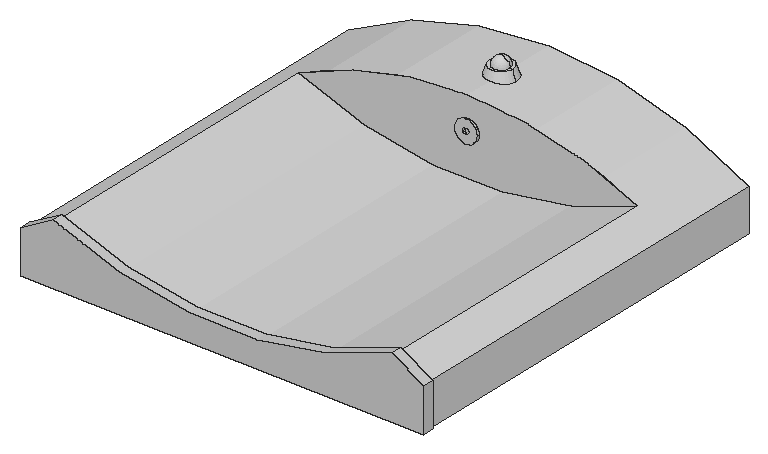
Revit family "Bottle_Filler-Murdock-H2O-To-Go-BF11S", category Plumbing Fixtures, host Face, Revit 2019
Family settings
  Host = Face
  Round Connector Dimension = Use Diameter
  Part Type = Normal
  OmniClass Number = 23.65.70.14.11
  OmniClass Title = Drinking Fountains/Coolers
  Cut with Voids When Loaded = Yes
  Shared = Yes
  Room Calculation Point = No
Parameters (values of type "BF11S")
  Width = 4 3/8"  # constant formula
  Waste Connection = no
  WFU = 2  # constant formula
  Vent Connection = no
  URL = "https://www.murdockmfg.com/home"
  Type Comments = "Bottle filler - hemispherical pushbutton"
  Product Page URL = "https://www.murdockmfg.com/add-on-pushbutton-bottle-filler-bf11s"
  Product Documentation Link = "https://www.murdockmfg.com/uploads/fileLibrary/BF11S.pdf"
  Model = "BF11S"
  Material = "Stainless Steel-Murdock-Satin"
  Manufacturer = "Murdock Mfg."  # constant formula
  Length = 18 1/8"  # constant formula
  Installation Type = "Wall Mounted"  # constant formula
  IAPMO Compliance = "IAPMO tested to NSF/ANSI 61, Section 9, Lead-Free Federal Law 111-380"  # constant formula
  Housing Material = Stainless Steel-Murdock-Satin
  Height = 18 1/8"  # constant formula
  HWFU = 1.5  # constant formula
  HW Connection = no
  Flow Rate = "1.2 GPM (4.54 l/min) at 70 PSI"  # constant formula
  Description = "Deck-Mounted SpringH2O® Pushbutton All-Stainless Steel Water Bottle Filling Station - A17 Series Add-On, ADA"  # constant formula
  Default Elevation = 0"
  Creation Date = "10/22/2024"  # constant formula
  Cold Water Connection Width = 2"
  Cold Water Connection Radius = Cold Water Connection Diameter / 2  # 3/16"
  Cold Water Connection Height = 19 3/8"
  Cold Water Connection Diameter = 3/8"  # constant formula
  CWFU = 1.5  # constant formula
  CW Connection = yes
  Assembly Code = "D2010820"
  ADA Compliant = yes
  -WF3000 3000-Gallon PFAS Water Filter1 = no
  -WF1 1500-Gallon Capacity Water Filter1 = no
  -EG22 Enviro-Glaze® Matte Black Powder Coat = no
Reference planes (in)
  plane 1 "Center (Front/Back)": y = 0
  plane 2: z = 0
  plane 3 "Center (Left/Right)": x = 0
  plane 4: x = -8.875
  plane 5: x = 8.875
  plane 6: y = 18.125
  plane 7: y = 13.625
  plane 8: y = 15.5
  plane 9: z = 4.375
  plane 10: z = 1
  plane 11: z = 2.625
  plane 12: y = 1
  plane 13: x = -7.875
Forms (in)
  Extrusion 1, solid, material "Stainless Steel-Murdock-Satin" <- "Housing Material"
    sketch origin (21.84744, 33.875, -2.03125) x (1, 0, 0) y (0, 0, -1)
      loop
        line (-30.72244, -2.03125) -> (-30.72244, -3.90625)
        arc (-30.72244, -3.90625) -> (-21.84744, -6.40625) -> (-12.97244, -3.90625) r 17.00313
        line (-12.97244, -3.90625) -> (-12.97244, -2.03125) -> (-30.72244, -2.03125)
    from -33.375 to -15.75
  Extrusion 2, solid, material "Stainless Steel-Murdock-Satin" <- "Housing Material"
    sketch origin (64.85245, 14.375, -0.65625) x (1, 0, 0) y (0, 0, -1)
      loop
        circle (-64.85245, -3.625) r 0.5
      loop
        circle (-64.85245, -3.625) r 0.14544
    from -0.82582 to 1.125
  Extrusion 3, void
    sketch origin (64.85245, 14.375, -2.03125) x (-1, 0, 0) y (0, 0, -1)
      loop
        line (57.33923, -6.40625) -> (72.36567, -6.40625) -> (72.36567, -4.65625)
        arc (72.36567, -4.65625) -> (64.85245, -3.03128) -> (57.33923, -4.65625) r 18.18155
        line (57.33923, -4.65625) -> (57.33923, -6.40625)
    from 0.75 to 14.375
  Extrusion 4, solid, material "Stainless Steel-Murdock-Ligature Resistant White"
    sketch origin (21.84744, 44.25, -2.03125) x (1, 0, 0) y (0, 0, -1)
      loop
        line (-12.87087, -2.03125) -> (-30.824, -2.03125) -> (-30.824, -3.96306)
        arc (-30.824, -3.96306) -> (-30.10297, -4.38366) -> (-29.36228, -4.76859) r 17.10469
        arc (-29.36228, -4.76859) -> (-21.84744, -3.13284) -> (-14.33259, -4.76859) r 18.07999
        arc (-14.33259, -4.76859) -> (-13.5919, -4.38366) -> (-12.87087, -3.96306) r 17.10469
        line (-12.87087, -3.96306) -> (-12.87087, -2.03125)
    from -44.25 to -43.75
  Revolve 5, solid, material "Stainless Steel-Murdock-Satin" <- "Housing Material"
    sketch origin (21.81619, 15.5, 1.52483) x (1, 0, 0) y (0, 0, -1)
      loop
        line (-21.81619, -2.72517) -> (-22.51682, -2.72517) -> (-22.33136, -3.23473) -> (-22.19051, -3.23473)
        arc (-22.19051, -3.23473) -> (-22.08112, -3.50088) -> (-21.81619, -3.61318) r 0.37847
        line (-21.81619, -3.61318) -> (-21.81619, -2.72517)
      axis (-21.81619, -3.61318) -> (-21.81619, -2.72517)
    angle from 0 to 360
  Extrusion 6, void
    sketch origin (0, 0, 0) x (1, 0, 0) y (0, 1, 0)
      loop
        circle (-7.875, 1) r 0.125
    from 0 to -0.12655
Cuts and joins
  Extrusion 3, Extrusion 6 cuts Extrusion 1
Lines and regions (in)
  Masking region 1
    outline origin (21.81619, -2.625, 0) x (1, 0, 0) y (0, 0, -1)
      loop
        line (-12.83962, -1.93181) -> (-12.83962, 0) -> (-30.79275, 0) -> (-30.79275, -1.93181)
        arc (-30.79275, -1.93181) -> (-30.07172, -2.35241) -> (-29.33103, -2.73734) r 17.10469
        arc (-29.33103, -2.73734) -> (-29.27093, -2.71) -> (-29.21072, -2.68289) r 18.07999
        arc (-29.21072, -2.68289) -> (-25.92995, -3.86985) -> (-22.47598, -4.36219) r 17.00313
        line (-22.47598, -4.36219) -> (-22.33136, -4.75956) -> (-22.19051, -4.75956)
        arc (-22.19051, -4.75956) -> (-21.81619, -5.13389) -> (-21.44186, -4.75956) r 0.37433
        line (-21.44186, -4.75956) -> (-21.30102, -4.75956) -> (-21.15639, -4.36219)
        arc (-21.15639, -4.36219) -> (-17.70242, -3.86985) -> (-14.42165, -2.68289) r 17.00313
        arc (-14.42165, -2.68289) -> (-14.36145, -2.71) -> (-14.30134, -2.73734) r 18.07999
        arc (-14.30134, -2.73734) -> (-13.56065, -2.35241) -> (-12.83962, -1.93181) r 17.10469
  symbolic lines, detail levels medium+fine
    curve 1: arc (-8.875, -2.625, 1.875) -> (-8.14479, -2.625, 2.29731) -> (-7.39453, -2.625, 2.68289) r 17.00313
    curve 3: line (8.875, -2.625, 1.875) -> (8.875, -2.625, 0)
    curve 4: line (-8.875, -2.625, 0) -> (-8.875, -2.625, 1.875)
    curve 5: arc (7.39453, -2.625, 2.68289) -> (8.14479, -2.625, 2.29731) -> (8.875, -2.625, 1.875) r 17.00313
    curve 6: arc (-0.6598, -2.625, 4.36219) -> (0, -2.625, 4.375) -> (0.6598, -2.625, 4.36219) r 17.00313
  symbolic lines, detail levels fine
    curve 2: line (-0.51517, -2.625, 4.75956) -> (0.51517, -2.625, 4.75956)
Dimensions and locks (in)
  plane 4 to plane 5 = 17 3/4"
  plane 6 to plane 1 "Center (Front/Back)" = 18 1/8"
  plane 1 "Center (Front/Back)" to plane 7 = 13 5/8"
  plane 1 "Center (Front/Back)" to plane 8 = 15 1/2"
  host face to plane 11 = 2 5/8"
  host face to plane 10 = 1"
  host face to plane 9 = 4 3/8"
  plane 4 to plane 13 = 1"
  aligned and locked: plane 2 to host face
  aligned and locked: level to host face
  aligned and locked: Extrusion 1 to host face
  aligned and locked: plane 6 to Extrusion 1
  aligned and locked: plane 7 to Extrusion 3
  aligned and locked: plane 1 "Center (Front/Back)" to Extrusion 4
  aligned and locked: plane 12 to Extrusion 6 sketch curve
  aligned and locked: plane 13 to Extrusion 6 sketch curve
Connectors (in)
  piping at (-7.875, 1, 0), diameter 0.25, driven by "CWFU"
    settings: on Extrusion 6, index 1, connector inside diameter 24", connector length 0", flow factor 0, pipe flow 0 GPM, pressure drop 0.00 psi, fitting loss kfactor 0, connector angle 0.00°, fixture units 1.5, engagement length 0", angle of deflection 0.00°, flow configuration 3, flow direction 1, fitting loss method 0, system type 20, joint type 0, gender type 0, connector reference index -1, connector utility 0, adjustable connector no, is connector primary yes, connector description "1/4\" Inlet Connection"
